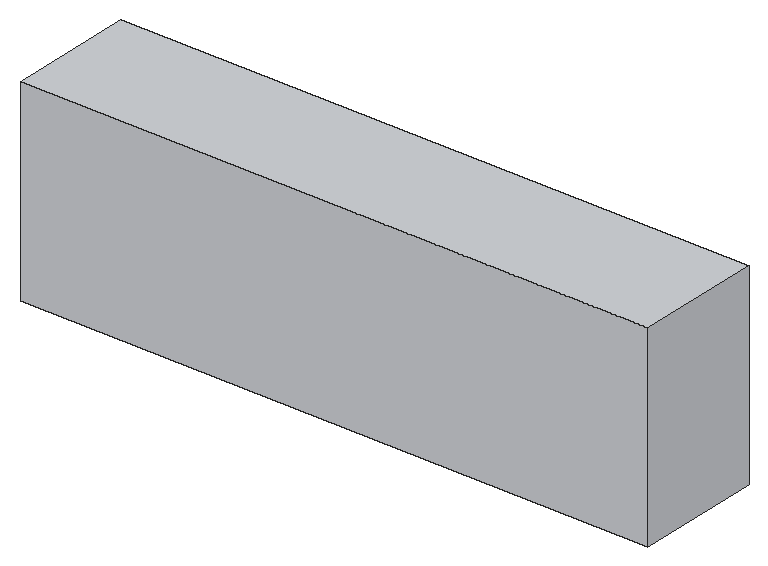
Revit family "Routing Rack Guide", category 一般モデル, Revit 2021
Family settings
  鉄筋をホスト可能 = いいえ
  丸型コネクタ寸法 = 直径を使用
  パーツ タイプ = 標準
  作業面ベース = いいえ
  常に垂直 = はい
  ロード時にボイドで切り取り = いいえ
  共有 = いいえ
  部屋計算ポイント = いいえ
Parameters (values of type "Generic")
  高さ [instance] = 1250 mm
  幅 [instance] = 4000 mm
  奥行き [instance] = 800 mm
  既定の高さ = 2800 mm
  material = Rack
  Arent-Width [instance] = 幅  # 4000 mm
  Arent-Offset [instance] = 2800 mm
  Arent-Length [instance] = 奥行き  # 800 mm
  Arent-Height [instance] = 高さ  # 1250 mm
Reference planes
  plane 1 "Center (Front/Back)": y = 0
  plane 2: z = 0
  plane 3 "Center (Left/Right)": x = 0
  plane 4: y = 400
  plane 5: y = -400
  plane 6: x = -2000
  plane 7: x = 2000
  plane 8: z = 4050
  plane 9: z = 2800
Forms (mm)
  Extrusion 1, solid
    sketch origin (0, 0, 0) x (1, 0, 0) y (0, 1, 0)
      loop
        line (-2000, 400) -> (-2000, -400) -> (2000, -400) -> (2000, 400) -> (-2000, 400)
    from 2800 to 4050
Lines and regions (mm)
  symbolic lines, style "Arrent-Clearance"
    curve 1: line (-2000, 400, 0) -> (2000, 400, 0)
    curve 2: line (-2000, -400, 0) -> (-2000, 400, 0)
    curve 3: line (2000, -400, 0) -> (-2000, -400, 0)
    curve 4: line (2000, 400, 0) -> (2000, -400, 0)
Dimensions and locks
  equal spacing: plane 4, plane 1 "Center (Front/Back)", plane 5
  equal spacing: plane 6, plane 3 "Center (Left/Right)", plane 7
  "幅": plane 6 to plane 7
  "奥行き": plane 4 to plane 5
  "Arent-Offset": plane 9 to level
  "高さ": plane 8 to plane 9
  aligned and locked: level to plane 2
  aligned and locked: plane 4 to Extrusion 1
  aligned and locked: Extrusion 1 to plane 6
  aligned and locked: plane 5 to Extrusion 1
  aligned and locked: plane 7 to Extrusion 1
  aligned and locked: plane 8 to Extrusion 1
  aligned and locked: Extrusion 1 to plane 9
  aligned and locked: curve 1 to plane 4
  aligned and locked: plane 6 to curve 2
  aligned and locked: plane 5 to curve 3
  aligned and locked: curve 4 to plane 7
Automatic sketch dimensions
  Extrusion 1 sketch curve to plane 5 = 0 mm
  Extrusion 1 sketch curve to plane 6 = 0 mm
  Extrusion 1 sketch curve to plane 7 = 0 mm
  Extrusion 1 sketch curve to plane 4 = 0 mm
